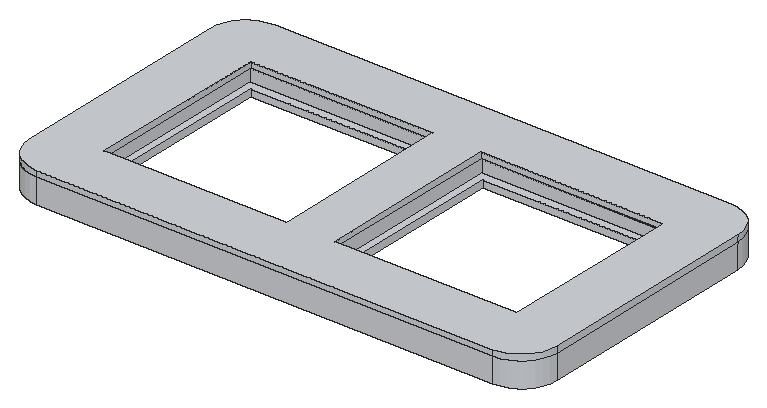
Revit family "Gira_0212426", category Electrical Fixtures, host Face, Revit 2017
Family settings
  Host = Face
  Maintain Annotation Orientation = No
  Round Connector Dimension = Use Diameter
  Part Type = Normal
  Cut with Voids When Loaded = No
  Shared = No
  Room Calculation Point = No
Parameters (values of type "Cov.fr. 2-g Gira E3 umber/anthra.")
  URL = "http://katalog.gira.de/en/datenblatt.html?artikelnr=0212426"
  Transparent = "No"
  Name = "Cov.fr. 2-g Gira E3 umber/anthra."
  Manufacturer URL = "https://www.gira.de/"
  Manufacturer = "Gira"
  Keynote = ""
  HeinzeBIM = "https://bimportal.heinze.de/bim/cov-fr-2-g-gira-e3-umber-anthra-/bb48314c1b6331e845721c96ad3c12721da7bb21"
  HAN = "0212426"
  GTIN = "4010337024460"
  Description = "Cov.fr.2g E3 UmAn,Gira E3 cover frame,umber soft touch with anthracite intermediate frame,2-gang,Features:,- Shatter-proof.,,Notes :,- Soft-touch surface,- NCS value: approx. NCS S 7010-Y10R"
  Default Elevation = 1219.2 mm
  Data sheet (1) = "https://katalog.gira.de/en/download.html?artikelnr=0212426"
  Category = "Cover frame for domestic switching devices"
  BIM (1) = "https://media.stage.bim.site/public/gira/36a6b08/E3_Rahmen_2fach.rfa"
  Available = "No"
Reference planes
  plane 1 "Center (Front/Back)": y = 0
  plane 2: z = 0
  plane 3 "Center (Left/Right)": x = 0
Forms (mm)
  Extrusion 1, solid, detail levels fine
    sketch origin (0, 0, 0) x (1, 0, 0) y (0, 1, 0)
      loop
        arc (-70.35, 45.809) -> (-78.134, 42.585) -> (-81.359, 34.8) r 11.009
        line (-81.359, 34.8) -> (-81.359, -34.8)
        arc (-81.359, -34.8) -> (-78.134, -42.585) -> (-70.35, -45.809) r 11.009
        line (-70.35, -45.809) -> (70.35, -45.809)
        arc (70.35, -45.809) -> (78.135, -42.585) -> (81.359, -34.8) r 11.009
        line (81.359, -34.8) -> (81.359, 34.8)
        arc (81.359, 34.8) -> (78.135, 42.585) -> (70.35, 45.809) r 11.009
        line (70.35, 45.809) -> (-70.35, 45.809)
      loop
        line (-7.45, 28.187) -> (-63.706, 28.187) -> (-63.706, -28.187) -> (-7.45, -28.187) -> (-7.45, 28.187)
      loop
        line (7.45, 28.187) -> (7.45, -28.187) -> (63.706, -28.187) -> (63.706, 28.187) -> (7.45, 28.187)
    from 7.65 to 9.5
  Extrusion 2, solid, detail levels fine
    sketch origin (-35.75, 0, 0) x (1, 0, 0) y (0, 1, 0)
      loop
        line (25.7, 25.7) -> (-25.7, 25.7) -> (-25.7, -25.7) -> (25.7, -25.7) -> (25.7, 25.7)
      loop
        line (-28.187, -28.156) -> (28.187, -28.156) -> (28.187, 28.156) -> (-28.187, 28.156) -> (-28.187, -28.156)
    from 1.65 to 3.9
  Extrusion 3, solid, detail levels fine
    sketch origin (0, 0, 0) x (1, 0, 0) y (0, 1, 0)
      loop
        arc (-70.35, 45.809) -> (-78.134, 42.585) -> (-81.359, 34.8) r 11.009
        line (-81.359, 34.8) -> (-81.359, -34.8)
        arc (-81.359, -34.8) -> (-78.134, -42.585) -> (-70.35, -45.809) r 11.009
        line (-70.35, -45.809) -> (70.35, -45.809)
        arc (70.35, -45.809) -> (78.135, -42.585) -> (81.359, -34.8) r 11.009
        line (81.359, -34.8) -> (81.359, 34.8)
        arc (81.359, 34.8) -> (78.135, 42.585) -> (70.35, 45.809) r 11.009
        line (70.35, 45.809) -> (-70.35, 45.809)
      loop
        line (-79.393, 34.785) -> (-79.393, -34.785)
        arc (-79.393, -34.785) -> (-76.739, -41.19) -> (-70.334, -43.843) r 9.058
        line (-70.334, -43.843) -> (70.335, -43.843)
        arc (70.335, -43.843) -> (76.74, -41.19) -> (79.393, -34.785) r 9.058
        line (79.393, -34.785) -> (79.393, 34.785)
        arc (79.393, 34.785) -> (76.74, 41.19) -> (70.335, 43.843) r 9.058
        line (70.335, 43.843) -> (-70.334, 43.843)
        arc (-70.334, 43.843) -> (-76.739, 41.19) -> (-79.393, 34.785) r 9.058
    from 0 to 7.65
  Extrusion 4, solid, detail levels fine
    sketch origin (0, 0, 0) x (1, 0, 0) y (0, 1, 0)
      loop
        line (-62.956, -31.075) -> (62.956, -31.075)
        arc (62.956, -31.075) -> (65.599, -29.98) -> (66.694, -27.337) r 3.739
        line (66.694, -27.337) -> (66.694, 27.337)
        arc (66.694, 27.337) -> (65.599, 29.98) -> (62.956, 31.075) r 3.739
        line (62.956, 31.075) -> (-62.956, 31.075)
        arc (-62.956, 31.075) -> (-65.599, 29.98) -> (-66.694, 27.337) r 3.739
        line (-66.694, 27.337) -> (-66.694, -27.337)
        arc (-66.694, -27.337) -> (-65.599, -29.98) -> (-62.956, -31.075) r 3.739
      loop
        line (-65.544, 27.537) -> (-65.544, -27.537)
        arc (-65.544, -27.537) -> (-64.845, -29.226) -> (-63.156, -29.925) r 2.389
        line (-63.156, -29.925) -> (63.156, -29.925)
        arc (63.156, -29.925) -> (64.845, -29.226) -> (65.544, -27.537) r 2.389
        line (65.544, -27.537) -> (65.544, 27.537)
        arc (65.544, 27.537) -> (64.845, 29.226) -> (63.156, 29.925) r 2.389
        line (63.156, 29.925) -> (-63.156, 29.925)
        arc (-63.156, 29.925) -> (-64.845, 29.226) -> (-65.544, 27.537) r 2.389
    from 1.65 to 7.65
  Extrusion 5, solid, detail levels fine
    sketch origin (0, 0, 0) x (1, 0, 0) y (0, 1, 0)
      loop
        line (-67.617, -39.8) -> (67.617, -39.8)
        arc (67.617, -39.8) -> (73.232, -36.708) -> (75.464, -30.7) r 9.2
        line (75.464, -30.7) -> (75.464, 30.7)
        arc (75.464, 30.7) -> (72.77, 37.205) -> (66.264, 39.9) r 9.2
        line (66.264, 39.9) -> (-66.264, 39.9)
        arc (-66.264, 39.9) -> (-72.77, 37.205) -> (-75.464, 30.7) r 9.2
        line (-75.464, 30.7) -> (-75.464, -30.7)
        arc (-75.464, -30.7) -> (-73.232, -36.708) -> (-67.617, -39.8) r 9.2
      loop
        line (-66.264, -31.7) -> (66.264, -31.7)
        arc (66.264, -31.7) -> (66.972, -31.407) -> (67.264, -30.7) r 1
        line (67.264, -30.7) -> (67.264, 30.7)
        arc (67.264, 30.7) -> (66.972, 31.407) -> (66.264, 31.7) r 1
        line (66.264, 31.7) -> (-66.264, 31.7)
        arc (-66.264, 31.7) -> (-66.972, 31.407) -> (-67.264, 30.7) r 1
        line (-67.264, 30.7) -> (-67.264, -30.7)
        arc (-67.264, -30.7) -> (-66.972, -31.407) -> (-66.264, -31.7) r 1
    from 1.65 to 3.9
  Extrusion 6, solid, detail levels fine
    sketch origin (-35.75, 0, 0) x (1, 0, 0) y (0, 1, 0)
      loop
        line (-28.187, 28.156) -> (-28.187, -28.156) -> (28.187, -28.156) -> (28.187, 28.156) -> (-28.187, 28.156)
      loop
        line (-29.925, 29.925) -> (-29.925, -29.925) -> (29.925, -29.925) -> (29.925, 29.925) -> (-29.925, 29.925)
    from 1.65 to 7.65
  Extrusion 7, solid, detail levels coarse+medium
    sketch origin (0, 0, 0) x (1, 0, 0) y (0, 1, 0)
      loop
        line (-81.359, 45.809) -> (-81.359, -45.809) -> (81.359, -45.809) -> (81.359, 45.809) -> (-81.359, 45.809)
    from 0 to 9.5
  Extrusion 8, solid, detail levels fine
    sketch origin (35.75, 0, 0) x (-1, 0, 0) y (0, -1, 0)
      loop
        line (25.7, -25.7) -> (25.7, 25.7) -> (-25.7, 25.7) -> (-25.7, -25.7) -> (25.7, -25.7)
      loop
        line (-28.187, 28.156) -> (-28.187, -28.156) -> (28.187, -28.156) -> (28.187, 28.156) -> (-28.187, 28.156)
    from 1.65 to 3.9
  Extrusion 9, solid, detail levels fine
    sketch origin (35.75, 0, 0) x (-1, 0, 0) y (0, -1, 0)
      loop
        line (-28.187, -28.156) -> (28.187, -28.156) -> (28.187, 28.156) -> (-28.187, 28.156) -> (-28.187, -28.156)
      loop
        line (-29.925, -29.925) -> (29.925, -29.925) -> (29.925, 29.925) -> (-29.925, 29.925) -> (-29.925, -29.925)
    from 1.65 to 7.65
Dimensions and locks
  aligned and locked: plane 2 to host face
  aligned and locked: level to host face
